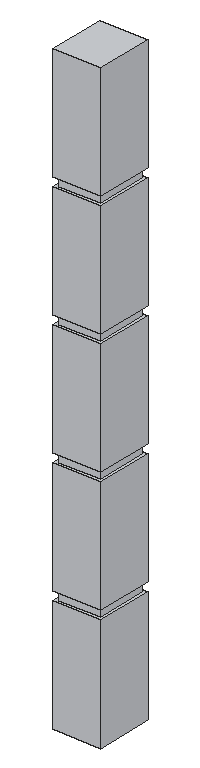
Revit family "STC_A3-Bramley-Gardens", category Structural Columns, Revit 2016
Family settings
  Section Shape = Not Defined
  Material for Model Behavior = Other
  Always export as geometry = No
  Beam cutback in plan = From bounding box
  Cut with Voids When Loaded = No
  Symbolic Representation = From Family
  Shared = No
  Show family pre-cut in plan views = Yes
Parameters (values of type "Bramley Gardens")
  Segment Height = 650 mm
  Reveal = 50 mm
  Depth = 330 mm
  Width = 275 mm
Reference planes
  plane 1 "Center (Front/Back)": y = 0
  plane 2: z = 0
  plane 3 "Center (Left/Right)": x = 0
  plane 4 "Left": x = -137.5
  plane 5 "Right": x = 137.5
  plane 6 "Back": y = 165
  plane 7 "Front": y = -165
  plane 8: y = 145
  plane 9: y = -145
  plane 10: x = 117.5
  plane 11: x = -117.5
  plane 12: z = 650
  plane 13: z = 700
  plane 14: z = 1350
  plane 15: z = 1400
  plane 16: z = 2050
  plane 17: z = 2100
  plane 18: z = 2750
  plane 19: z = 2800
  plane 20: z = 3450
  plane 21: y = 145
  plane 22: y = -145
  plane 23: x = 117.5
  plane 24: x = -117.5
Forms (mm)
  Extrusion 1, solid
    sketch origin (0, 0, 0) x (1, 0, 0) y (0, 1, 0)
      loop
        line (-137.5, 165) -> (-137.5, -165) -> (137.5, -165) -> (137.5, 165) -> (-137.5, 165)
    from 0 to 650
  Extrusion 2, solid
    sketch origin (0, 0, 0) x (1, 0, 0) y (0, 1, 0)
      loop
        line (-117.5, 145) -> (-117.5, -145) -> (117.5, -145) -> (117.5, 145) -> (-117.5, 145)
    from 650 to 700
  Extrusion 3, solid
    sketch origin (0, 0, 0) x (1, 0, 0) y (0, 1, 0)
      loop
        line (-137.5, 165) -> (-137.5, -165) -> (137.5, -165) -> (137.5, 165) -> (-137.5, 165)
    from 700 to 1350
  Extrusion 4, solid
    sketch origin (0, 0, 0) x (1, 0, 0) y (0, 1, 0)
      loop
        line (-117.5, 145) -> (-117.5, -145) -> (117.5, -145) -> (117.5, 145) -> (-117.5, 145)
    from 1350 to 1400
  Extrusion 5, solid
    sketch origin (0, 0, 0) x (1, 0, 0) y (0, 1, 0)
      loop
        line (-137.5, 165) -> (-137.5, -165) -> (137.5, -165) -> (137.5, 165) -> (-137.5, 165)
    from 1400 to 2050
  Extrusion 6, solid
    sketch origin (0, 0, 0) x (1, 0, 0) y (0, 1, 0)
      loop
        line (-117.5, 145) -> (-117.5, -145) -> (117.5, -145) -> (117.5, 145) -> (-117.5, 145)
    from 2050 to 2100
  Extrusion 7, solid
    sketch origin (0, 0, 0) x (1, 0, 0) y (0, 1, 0)
      loop
        line (-137.5, 165) -> (-137.5, -165) -> (137.5, -165) -> (137.5, 165) -> (-137.5, 165)
    from 2800 to 3450
  Extrusion 8, solid
    sketch origin (0, 0, 0) x (1, 0, 0) y (0, 1, 0)
      loop
        line (-117.5, 145) -> (-117.5, -145) -> (117.5, -145) -> (117.5, 145) -> (-117.5, 145)
    from 2750 to 2800
  Extrusion 9, solid
    sketch origin (0, 0, 0) x (1, 0, 0) y (0, 1, 0)
      loop
        line (-137.5, 165) -> (-137.5, -165) -> (137.5, -165) -> (137.5, 165) -> (-137.5, 165)
    from 2100 to 2750
Dimensions and locks
  equal spacing: plane 4 "Left", plane 3 "Center (Left/Right)", plane 5 "Right"
  equal spacing: plane 7 "Front", plane 1 "Center (Front/Back)", plane 6 "Back"
  "Width": plane 4 "Left" to plane 5 "Right"
  "Depth": plane 7 "Front" to plane 6 "Back"
  "Segment Height": plane 12 to level
  "Reveal": plane 13 to plane 12
  "Segment Height": plane 14 to plane 13
  "Reveal": plane 15 to plane 14
  "Segment Height": plane 16 to plane 15
  "Reveal": plane 17 to plane 16
  "Segment Height": plane 18 to plane 17
  "Reveal": plane 19 to plane 18
  "Segment Height": plane 20 to plane 19
  aligned and locked: plane 4 "Left" to Extrusion 1 sketch curve
  aligned and locked: plane 6 "Back" to Extrusion 1 sketch curve
  aligned and locked: plane 7 "Front" to Extrusion 1 sketch curve
  aligned and locked: plane 5 "Right" to Extrusion 1 sketch curve
  aligned and locked: Extrusion 2 sketch curve to plane 8
  aligned and locked: plane 11 to Extrusion 2 sketch curve
  aligned and locked: plane 9 to Extrusion 2 sketch curve
  aligned and locked: Extrusion 2 sketch curve to plane 10
  aligned and locked: Extrusion 3 sketch curve to Extrusion 1  (x3)
  aligned and locked: Extrusion 1 to Extrusion 3 sketch curve
  aligned and locked: Extrusion 4 sketch curve to Extrusion 2  (x3)
  aligned and locked: Extrusion 2 to Extrusion 4 sketch curve
  aligned and locked: Extrusion 6 sketch curve to Extrusion 2  (x3)
  aligned and locked: Extrusion 2 to Extrusion 6 sketch curve
  aligned and locked: Extrusion 8 sketch curve to Extrusion 2  (x3)
  aligned and locked: Extrusion 2 to Extrusion 8 sketch curve
  aligned and locked: Extrusion 9 sketch curve to Extrusion 1  (x3)
  aligned and locked: Extrusion 1 to Extrusion 9 sketch curve
  aligned and locked: plane 20 to Extrusion 7
  aligned and locked: plane 19 to Extrusion 8
  aligned and locked: Extrusion 7 to plane 19
  aligned and locked: plane 18 to Extrusion 9
  aligned and locked: plane 18 to Extrusion 8
  aligned and locked: plane 17 to Extrusion 6
  aligned and locked: Extrusion 6 to plane 16
  aligned and locked: Extrusion 9 to plane 17
  aligned and locked: plane 16 to Extrusion 5
  aligned and locked: plane 15 to Extrusion 4
  aligned and locked: Extrusion 4 to plane 14
  aligned and locked: Extrusion 5 to plane 15
  aligned and locked: plane 14 to Extrusion 3
  aligned and locked: plane 13 to Extrusion 2
  aligned and locked: Extrusion 3 to plane 13
  aligned and locked: Extrusion 2 to plane 12
  aligned and locked: plane 12 to Extrusion 1
  aligned and locked: Extrusion 1 to level
  aligned and locked: Extrusion 7 to plane 20
Automatic sketch dimensions
  Extrusion 5 sketch curve to plane 4 "Left" = 0 mm
  Extrusion 5 sketch curve to plane 5 "Right" = 0 mm
  Extrusion 5 sketch curve to plane 7 "Front" = 0 mm
  Extrusion 5 sketch curve to plane 6 "Back" = 0 mm
  Extrusion 7 sketch curve to plane 4 "Left" = 0 mm
  Extrusion 7 sketch curve to plane 5 "Right" = 0 mm
  Extrusion 7 sketch curve to plane 7 "Front" = 0 mm
  Extrusion 7 sketch curve to plane 6 "Back" = 0 mm
